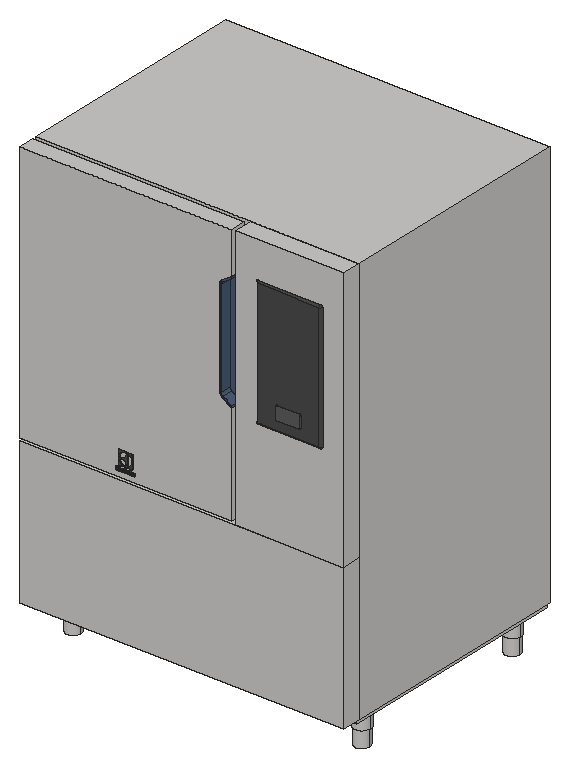
Revit family "QF_ELECTROLUXPROFESSIONAL_727739_EBFA12A", category Specialty Equipment, Revit 2018 (continued)
Automatic sketch dimensions
  Split face 35 sketch curve to Extrusion 4 = 30.031 mm
  Split face 35 sketch curve to Split face 35 sketch curve = 110.016 mm
  Split face 35 sketch curve to Extrusion 4 = 203.478 mm
  Split face 35 sketch curve to Split face 35 sketch curve = 4.974 mm
  Split face 36 sketch curve to Extrusion 4 = 30.031 mm
  Split face 36 sketch curve to Split face 36 sketch curve = 110.016 mm
  Split face 36 sketch curve to Extrusion 4 = 193.978 mm
  Split face 36 sketch curve to Split face 36 sketch curve = 4.974 mm
  Split face 37 sketch curve to Extrusion 4 = 30.031 mm
  Split face 37 sketch curve to Split face 37 sketch curve = 110.016 mm
  Split face 37 sketch curve to Extrusion 4 = 184.478 mm
  Split face 37 sketch curve to Split face 37 sketch curve = 4.974 mm
  Split face 38 sketch curve to Extrusion 4 = 30.031 mm
  Split face 38 sketch curve to Split face 38 sketch curve = 110.016 mm
  Split face 38 sketch curve to Extrusion 4 = 174.978 mm
  Split face 38 sketch curve to Split face 38 sketch curve = 4.974 mm
  Split face 39 sketch curve to Extrusion 4 = 30.031 mm
  Split face 39 sketch curve to Split face 39 sketch curve = 110.016 mm
  Split face 39 sketch curve to Extrusion 4 = 165.478 mm
  Split face 39 sketch curve to Split face 39 sketch curve = 4.974 mm
  Split face 40 sketch curve to Extrusion 4 = 30.031 mm
  Split face 40 sketch curve to Split face 40 sketch curve = 110.016 mm
  Split face 40 sketch curve to Extrusion 4 = 155.978 mm
  Split face 40 sketch curve to Split face 40 sketch curve = 4.974 mm
  Split face 41 sketch curve to Extrusion 4 = 30.031 mm
  Split face 41 sketch curve to Split face 41 sketch curve = 110.016 mm
  Split face 41 sketch curve to Extrusion 4 = 146.478 mm
  Split face 41 sketch curve to Split face 41 sketch curve = 4.974 mm
  Split face 42 sketch curve to Extrusion 4 = 33.499 mm
  Split face 42 sketch curve to Extrusion 4 = 150.022 mm
  Split face 42 sketch curve to Extrusion 4 = 28.525 mm
  Split face 42 sketch curve to Split face 42 sketch curve = 110.016 mm
  Split face 43 sketch curve to Extrusion 4 = 42.999 mm
  Split face 43 sketch curve to Extrusion 4 = 150.022 mm
  Split face 43 sketch curve to Extrusion 4 = 38.025 mm
  Split face 43 sketch curve to Split face 43 sketch curve = 110.016 mm
  Split face 44 sketch curve to Extrusion 4 = 52.499 mm
  Split face 44 sketch curve to Extrusion 4 = 150.022 mm
  Split face 44 sketch curve to Extrusion 4 = 47.525 mm
  Split face 44 sketch curve to Split face 44 sketch curve = 110.016 mm
  Split face 45 sketch curve to Extrusion 4 = 61.999 mm
  Split face 45 sketch curve to Extrusion 4 = 150.022 mm
  Split face 45 sketch curve to Split face 45 sketch curve = 110.016 mm
  Split face 45 sketch curve to Split face 45 sketch curve = 4.974 mm
  Split face 46 sketch curve to Extrusion 4 = 71.499 mm
  Split face 46 sketch curve to Extrusion 4 = 150.022 mm
  Split face 46 sketch curve to Split face 46 sketch curve = 110.016 mm
  Split face 46 sketch curve to Split face 46 sketch curve = 4.974 mm
  Split face 47 sketch curve to Extrusion 4 = 150.022 mm
  Split face 47 sketch curve to Split face 47 sketch curve = 110.016 mm
  Split face 47 sketch curve to Extrusion 4 = 80.999 mm
  Split face 47 sketch curve to Split face 47 sketch curve = 4.974 mm
  Split face 48 sketch curve to Extrusion 4 = 150.022 mm
  Split face 48 sketch curve to Split face 48 sketch curve = 110.016 mm
  Split face 48 sketch curve to Extrusion 4 = 90.499 mm
  Split face 48 sketch curve to Split face 48 sketch curve = 4.974 mm
  Split face 49 sketch curve to Extrusion 4 = 150.022 mm
  Split face 49 sketch curve to Split face 49 sketch curve = 110.016 mm
  Split face 49 sketch curve to Extrusion 4 = 99.999 mm
  Split face 49 sketch curve to Split face 49 sketch curve = 4.974 mm
  Split face 50 sketch curve to Extrusion 4 = 150.022 mm
  Split face 50 sketch curve to Split face 50 sketch curve = 110.016 mm
  Split face 50 sketch curve to Extrusion 4 = 109.499 mm
  Split face 50 sketch curve to Split face 50 sketch curve = 4.974 mm
  Split face 51 sketch curve to Extrusion 4 = 150.022 mm
  Split face 51 sketch curve to Split face 51 sketch curve = 110.016 mm
  Split face 51 sketch curve to Extrusion 4 = 119 mm
  Split face 51 sketch curve to Split face 51 sketch curve = 4.974 mm
  Split face 52 sketch curve to Extrusion 4 = 150.022 mm
  Split face 52 sketch curve to Split face 52 sketch curve = 110.016 mm
  Split face 52 sketch curve to Extrusion 4 = 128.5 mm
  Split face 52 sketch curve to Split face 52 sketch curve = 4.974 mm
  Split face 53 sketch curve to Extrusion 4 = 150.022 mm
  Split face 53 sketch curve to Split face 53 sketch curve = 110.016 mm
  Split face 53 sketch curve to Extrusion 4 = 138 mm
  Split face 53 sketch curve to Split face 53 sketch curve = 4.974 mm
  Split face 54 sketch curve to Extrusion 4 = 150.022 mm
  Split face 54 sketch curve to Split face 54 sketch curve = 110.016 mm
  Split face 54 sketch curve to Extrusion 4 = 147.5 mm
  Split face 54 sketch curve to Split face 54 sketch curve = 4.974 mm
  Split face 55 sketch curve to Extrusion 4 = 150.022 mm
  Split face 55 sketch curve to Split face 55 sketch curve = 110.016 mm
  Split face 55 sketch curve to Extrusion 4 = 157 mm
  Split face 55 sketch curve to Split face 55 sketch curve = 4.974 mm
  Split face 56 sketch curve to Extrusion 4 = 150.022 mm
  Split face 56 sketch curve to Split face 56 sketch curve = 110.016 mm
  Split face 56 sketch curve to Extrusion 4 = 166.5 mm
  Split face 56 sketch curve to Split face 56 sketch curve = 4.974 mm
  Split face 57 sketch curve to Extrusion 4 = 150.022 mm
  Split face 57 sketch curve to Split face 57 sketch curve = 110.016 mm
  Split face 57 sketch curve to Extrusion 4 = 176 mm
  Split face 57 sketch curve to Split face 57 sketch curve = 4.974 mm
  Split face 58 sketch curve to Extrusion 4 = 150.022 mm
  Split face 58 sketch curve to Split face 58 sketch curve = 110.016 mm
  Split face 58 sketch curve to Extrusion 4 = 185.5 mm
  Split face 58 sketch curve to Split face 58 sketch curve = 4.974 mm
  Split face 59 sketch curve to Extrusion 4 = 150.022 mm
  Split face 59 sketch curve to Split face 59 sketch curve = 110.016 mm
  Split face 59 sketch curve to Extrusion 4 = 195 mm
  Split face 59 sketch curve to Split face 59 sketch curve = 4.974 mm
  Split face 60 sketch curve to Extrusion 4 = 150.022 mm
  Split face 60 sketch curve to Split face 60 sketch curve = 110.016 mm
  Split face 60 sketch curve to Extrusion 4 = 204.5 mm
  Split face 60 sketch curve to Split face 60 sketch curve = 4.974 mm
  Split face 61 sketch curve to Extrusion 4 = 150.022 mm
  Split face 61 sketch curve to Split face 61 sketch curve = 110.016 mm
  Split face 61 sketch curve to Extrusion 4 = 214 mm
  Split face 61 sketch curve to Split face 61 sketch curve = 4.974 mm
  Split face 62 sketch curve to Extrusion 4 = 150.022 mm
  Split face 62 sketch curve to Split face 62 sketch curve = 110.016 mm
  Split face 62 sketch curve to Extrusion 4 = 223.5 mm
  Split face 62 sketch curve to Split face 62 sketch curve = 4.974 mm
  Split face 63 sketch curve to Extrusion 4 = 150.022 mm
  Split face 63 sketch curve to Split face 63 sketch curve = 110.016 mm
  Split face 63 sketch curve to Extrusion 4 = 233.001 mm
  Split face 63 sketch curve to Split face 63 sketch curve = 4.974 mm
  Split face 64 sketch curve to Extrusion 4 = 150.022 mm
  Split face 64 sketch curve to Split face 64 sketch curve = 110.016 mm
  Split face 64 sketch curve to Extrusion 4 = 242.501 mm
  Split face 64 sketch curve to Split face 64 sketch curve = 4.974 mm
  Split face 65 sketch curve to Extrusion 4 = 150.022 mm
  Split face 65 sketch curve to Split face 65 sketch curve = 110.016 mm
  Split face 65 sketch curve to Extrusion 4 = 252.001 mm
  Split face 65 sketch curve to Split face 65 sketch curve = 4.974 mm
  Split face 66 sketch curve to Extrusion 4 = 150.022 mm
  Split face 66 sketch curve to Split face 66 sketch curve = 110.016 mm
  Split face 66 sketch curve to Extrusion 4 = 261.501 mm
  Split face 66 sketch curve to Split face 66 sketch curve = 4.974 mm
  Split face 67 sketch curve to Extrusion 4 = 150.022 mm
  Split face 67 sketch curve to Split face 67 sketch curve = 110.016 mm
  Split face 67 sketch curve to Extrusion 4 = 271.001 mm
  Split face 67 sketch curve to Split face 67 sketch curve = 4.974 mm
  Split face 68 sketch curve to Extrusion 4 = 150.022 mm
  Split face 68 sketch curve to Split face 68 sketch curve = 110.016 mm
  Split face 68 sketch curve to Extrusion 4 = 279.479 mm
  Split face 68 sketch curve to Split face 68 sketch curve = 4.974 mm
  Split face 69 sketch curve to Extrusion 4 = 150.022 mm
  Split face 69 sketch curve to Split face 69 sketch curve = 110.016 mm
  Split face 69 sketch curve to Extrusion 4 = 269.979 mm
  Split face 69 sketch curve to Split face 69 sketch curve = 4.974 mm
  Split face 70 sketch curve to Extrusion 4 = 150.022 mm
  Split face 70 sketch curve to Split face 70 sketch curve = 110.016 mm
  Split face 70 sketch curve to Extrusion 4 = 260.479 mm
  Split face 70 sketch curve to Split face 70 sketch curve = 4.974 mm
  Split face 71 sketch curve to Extrusion 4 = 150.022 mm
  Split face 71 sketch curve to Split face 71 sketch curve = 110.016 mm
  Split face 71 sketch curve to Extrusion 4 = 250.978 mm
  Split face 71 sketch curve to Split face 71 sketch curve = 4.974 mm
  Split face 72 sketch curve to Extrusion 4 = 150.022 mm
  Split face 72 sketch curve to Split face 72 sketch curve = 110.016 mm
  Split face 72 sketch curve to Extrusion 4 = 241.478 mm
  Split face 72 sketch curve to Split face 72 sketch curve = 4.974 mm
  Split face 73 sketch curve to Extrusion 4 = 150.022 mm
  Split face 73 sketch curve to Split face 73 sketch curve = 110.016 mm
  Split face 73 sketch curve to Extrusion 4 = 231.978 mm
  Split face 73 sketch curve to Split face 73 sketch curve = 4.974 mm
  Split face 74 sketch curve to Extrusion 4 = 150.022 mm
  Split face 74 sketch curve to Split face 74 sketch curve = 110.016 mm
  Split face 74 sketch curve to Extrusion 4 = 222.478 mm
  Split face 74 sketch curve to Split face 74 sketch curve = 4.974 mm
  Split face 75 sketch curve to Extrusion 4 = 150.022 mm
  Split face 75 sketch curve to Split face 75 sketch curve = 110.016 mm
  Split face 75 sketch curve to Extrusion 4 = 212.978 mm
  Split face 75 sketch curve to Split face 75 sketch curve = 4.974 mm
  Split face 76 sketch curve to Extrusion 4 = 150.022 mm
  Split face 76 sketch curve to Split face 76 sketch curve = 110.016 mm
  Split face 76 sketch curve to Extrusion 4 = 203.478 mm
  Split face 76 sketch curve to Split face 76 sketch curve = 4.974 mm
  Split face 77 sketch curve to Extrusion 4 = 150.022 mm
  Split face 77 sketch curve to Split face 77 sketch curve = 110.016 mm
  Split face 77 sketch curve to Extrusion 4 = 193.978 mm
  Split face 77 sketch curve to Split face 77 sketch curve = 4.974 mm
  Split face 78 sketch curve to Extrusion 4 = 150.022 mm
  Split face 78 sketch curve to Split face 78 sketch curve = 110.016 mm
  Split face 78 sketch curve to Extrusion 4 = 184.478 mm
  Split face 78 sketch curve to Split face 78 sketch curve = 4.974 mm
  Split face 79 sketch curve to Extrusion 4 = 150.022 mm
  Split face 79 sketch curve to Split face 79 sketch curve = 110.016 mm
  Split face 79 sketch curve to Extrusion 4 = 174.978 mm
  Split face 79 sketch curve to Split face 79 sketch curve = 4.974 mm
  Split face 80 sketch curve to Extrusion 4 = 150.022 mm
  Split face 80 sketch curve to Split face 80 sketch curve = 110.016 mm
  Split face 80 sketch curve to Extrusion 4 = 165.478 mm
  Split face 80 sketch curve to Split face 80 sketch curve = 4.974 mm
  Split face 81 sketch curve to Extrusion 4 = 150.022 mm
  Split face 81 sketch curve to Split face 81 sketch curve = 110.016 mm
  Split face 81 sketch curve to Extrusion 4 = 155.978 mm
  Split face 81 sketch curve to Split face 81 sketch curve = 4.974 mm
  Split face 82 sketch curve to Extrusion 4 = 150.022 mm
  Split face 82 sketch curve to Split face 82 sketch curve = 110.016 mm
  Split face 82 sketch curve to Extrusion 4 = 146.478 mm
  Split face 82 sketch curve to Split face 82 sketch curve = 4.974 mm
  Split face 83 sketch curve to Extrusion 4 = 33.499 mm
  Split face 83 sketch curve to Extrusion 4 = 270.014 mm
  Split face 83 sketch curve to Extrusion 4 = 28.525 mm
  Split face 83 sketch curve to Split face 83 sketch curve = 110.016 mm
  Split face 84 sketch curve to Extrusion 4 = 42.999 mm
  Split face 84 sketch curve to Extrusion 4 = 270.014 mm
  Split face 84 sketch curve to Extrusion 4 = 38.025 mm
  Split face 84 sketch curve to Split face 84 sketch curve = 110.016 mm
  Split face 85 sketch curve to Extrusion 4 = 52.499 mm
  Split face 85 sketch curve to Extrusion 4 = 270.014 mm
  Split face 85 sketch curve to Extrusion 4 = 47.525 mm
  Split face 85 sketch curve to Split face 85 sketch curve = 110.016 mm
  Split face 86 sketch curve to Extrusion 4 = 61.999 mm
  Split face 86 sketch curve to Extrusion 4 = 270.014 mm
  Split face 86 sketch curve to Split face 86 sketch curve = 110.016 mm
  Split face 86 sketch curve to Split face 86 sketch curve = 4.974 mm
  Split face 87 sketch curve to Extrusion 4 = 71.499 mm
  Split face 87 sketch curve to Extrusion 4 = 270.014 mm
  Split face 87 sketch curve to Split face 87 sketch curve = 110.016 mm
  Split face 87 sketch curve to Split face 87 sketch curve = 4.974 mm
  Split face 88 sketch curve to Extrusion 4 = 80.999 mm
  Split face 88 sketch curve to Extrusion 4 = 270.014 mm
  Split face 88 sketch curve to Split face 88 sketch curve = 110.016 mm
  Split face 88 sketch curve to Split face 88 sketch curve = 4.974 mm
  Split face 89 sketch curve to Extrusion 4 = 90.499 mm
  Split face 89 sketch curve to Extrusion 4 = 270.014 mm
  Split face 89 sketch curve to Split face 89 sketch curve = 110.016 mm
  Split face 89 sketch curve to Split face 89 sketch curve = 4.974 mm
  Split face 90 sketch curve to Extrusion 4 = 99.999 mm
  Split face 90 sketch curve to Extrusion 4 = 270.014 mm
  Split face 90 sketch curve to Split face 90 sketch curve = 110.016 mm
  Split face 90 sketch curve to Split face 90 sketch curve = 4.974 mm
  Split face 91 sketch curve to Extrusion 4 = 109.499 mm
  Split face 91 sketch curve to Extrusion 4 = 270.014 mm
  Split face 91 sketch curve to Split face 91 sketch curve = 110.016 mm
  Split face 91 sketch curve to Split face 91 sketch curve = 4.974 mm
  Split face 92 sketch curve to Extrusion 4 = 119 mm
  Split face 92 sketch curve to Extrusion 4 = 270.014 mm
  Split face 92 sketch curve to Split face 92 sketch curve = 110.016 mm
  Split face 92 sketch curve to Split face 92 sketch curve = 4.974 mm
  Split face 93 sketch curve to Extrusion 4 = 128.5 mm
  Split face 93 sketch curve to Extrusion 4 = 270.014 mm
  Split face 93 sketch curve to Split face 93 sketch curve = 110.016 mm
  Split face 93 sketch curve to Split face 93 sketch curve = 4.974 mm
  Split face 94 sketch curve to Extrusion 4 = 270.014 mm
  Split face 94 sketch curve to Split face 94 sketch curve = 110.016 mm
  Split face 94 sketch curve to Extrusion 4 = 138 mm
  Split face 94 sketch curve to Split face 94 sketch curve = 4.974 mm
  Split face 95 sketch curve to Extrusion 4 = 270.014 mm
  Split face 95 sketch curve to Split face 95 sketch curve = 110.016 mm
  Split face 95 sketch curve to Extrusion 4 = 147.5 mm
  Split face 95 sketch curve to Split face 95 sketch curve = 4.974 mm
  Split face 96 sketch curve to Extrusion 4 = 270.014 mm
  Split face 96 sketch curve to Split face 96 sketch curve = 110.016 mm
  Split face 96 sketch curve to Extrusion 4 = 157 mm
  Split face 96 sketch curve to Split face 96 sketch curve = 4.974 mm
  Split face 97 sketch curve to Extrusion 4 = 270.014 mm
  Split face 97 sketch curve to Split face 97 sketch curve = 110.016 mm
  Split face 97 sketch curve to Extrusion 4 = 166.5 mm
  Split face 97 sketch curve to Split face 97 sketch curve = 4.974 mm
  Split face 98 sketch curve to Extrusion 4 = 270.014 mm
  Split face 98 sketch curve to Split face 98 sketch curve = 110.016 mm
  Split face 98 sketch curve to Extrusion 4 = 176 mm
  Split face 98 sketch curve to Split face 98 sketch curve = 4.974 mm
  Split face 99 sketch curve to Extrusion 4 = 270.014 mm
  Split face 99 sketch curve to Split face 99 sketch curve = 110.016 mm
  Split face 99 sketch curve to Extrusion 4 = 185.5 mm
  Split face 99 sketch curve to Split face 99 sketch curve = 4.974 mm
  Split face 100 sketch curve to Extrusion 4 = 270.014 mm
  Split face 100 sketch curve to Split face 100 sketch curve = 110.016 mm
  Split face 100 sketch curve to Extrusion 4 = 195 mm
  Split face 100 sketch curve to Split face 100 sketch curve = 4.974 mm
  Split face 101 sketch curve to Extrusion 4 = 270.014 mm
  Split face 101 sketch curve to Split face 101 sketch curve = 110.016 mm
  Split face 101 sketch curve to Extrusion 4 = 204.5 mm
  Split face 101 sketch curve to Split face 101 sketch curve = 4.974 mm
  Split face 102 sketch curve to Extrusion 4 = 270.014 mm
  Split face 102 sketch curve to Split face 102 sketch curve = 110.016 mm
  Split face 102 sketch curve to Extrusion 4 = 214 mm
  Split face 102 sketch curve to Split face 102 sketch curve = 4.974 mm
  Split face 103 sketch curve to Extrusion 4 = 270.014 mm
  Split face 103 sketch curve to Split face 103 sketch curve = 110.016 mm
  Split face 103 sketch curve to Extrusion 4 = 223.5 mm
  Split face 103 sketch curve to Split face 103 sketch curve = 4.974 mm
  Split face 104 sketch curve to Extrusion 4 = 270.014 mm
  Split face 104 sketch curve to Split face 104 sketch curve = 110.016 mm
  Split face 104 sketch curve to Extrusion 4 = 233.001 mm
  Split face 104 sketch curve to Split face 104 sketch curve = 4.974 mm
  Split face 105 sketch curve to Extrusion 4 = 270.014 mm
  Split face 105 sketch curve to Split face 105 sketch curve = 110.016 mm
  Split face 105 sketch curve to Extrusion 4 = 242.501 mm
  Split face 105 sketch curve to Split face 105 sketch curve = 4.974 mm
  Split face 106 sketch curve to Extrusion 4 = 270.014 mm
  Split face 106 sketch curve to Split face 106 sketch curve = 110.016 mm
  Split face 106 sketch curve to Extrusion 4 = 252.001 mm
  Split face 106 sketch curve to Split face 106 sketch curve = 4.974 mm
  Split face 107 sketch curve to Extrusion 4 = 270.014 mm
  Split face 107 sketch curve to Split face 107 sketch curve = 110.016 mm
  Split face 107 sketch curve to Extrusion 4 = 261.501 mm
  Split face 107 sketch curve to Split face 107 sketch curve = 4.974 mm
  Split face 108 sketch curve to Extrusion 4 = 270.014 mm
  Split face 108 sketch curve to Split face 108 sketch curve = 110.016 mm
  Split face 108 sketch curve to Extrusion 4 = 271.001 mm
  Split face 108 sketch curve to Split face 108 sketch curve = 4.974 mm
  Split face 109 sketch curve to Extrusion 4 = 270.014 mm
  Split face 109 sketch curve to Split face 109 sketch curve = 110.016 mm
  Split face 109 sketch curve to Extrusion 4 = 279.479 mm
  Split face 109 sketch curve to Split face 109 sketch curve = 4.974 mm
  Split face 110 sketch curve to Extrusion 4 = 270.014 mm
  Split face 110 sketch curve to Split face 110 sketch curve = 110.016 mm
  Split face 110 sketch curve to Extrusion 4 = 269.979 mm
  Split face 110 sketch curve to Split face 110 sketch curve = 4.974 mm
  Split face 111 sketch curve to Extrusion 4 = 270.014 mm
  Split face 111 sketch curve to Split face 111 sketch curve = 110.016 mm
  Split face 111 sketch curve to Extrusion 4 = 260.479 mm
  Split face 111 sketch curve to Split face 111 sketch curve = 4.974 mm
  Split face 112 sketch curve to Extrusion 4 = 270.014 mm
  Split face 112 sketch curve to Split face 112 sketch curve = 110.016 mm
  Split face 112 sketch curve to Extrusion 4 = 250.978 mm
  Split face 112 sketch curve to Split face 112 sketch curve = 4.974 mm
  Split face 113 sketch curve to Extrusion 4 = 270.014 mm
  Split face 113 sketch curve to Split face 113 sketch curve = 110.016 mm
  Split face 113 sketch curve to Extrusion 4 = 241.478 mm
  Split face 113 sketch curve to Split face 113 sketch curve = 4.974 mm
  Split face 114 sketch curve to Extrusion 4 = 270.014 mm
  Split face 114 sketch curve to Split face 114 sketch curve = 110.016 mm
  Split face 114 sketch curve to Extrusion 4 = 231.978 mm
  Split face 114 sketch curve to Split face 114 sketch curve = 4.974 mm
  Split face 115 sketch curve to Extrusion 4 = 270.014 mm
  Split face 115 sketch curve to Split face 115 sketch curve = 110.016 mm
  Split face 115 sketch curve to Extrusion 4 = 222.478 mm
  Split face 115 sketch curve to Split face 115 sketch curve = 4.974 mm
  Split face 116 sketch curve to Extrusion 4 = 270.014 mm
  Split face 116 sketch curve to Split face 116 sketch curve = 110.016 mm
  Split face 116 sketch curve to Extrusion 4 = 212.978 mm
  Split face 116 sketch curve to Split face 116 sketch curve = 4.974 mm
  Split face 117 sketch curve to Extrusion 4 = 270.014 mm
  Split face 117 sketch curve to Split face 117 sketch curve = 110.016 mm
  Split face 117 sketch curve to Extrusion 4 = 203.478 mm
  Split face 117 sketch curve to Split face 117 sketch curve = 4.974 mm
  Split face 118 sketch curve to Extrusion 4 = 270.014 mm
  Split face 118 sketch curve to Split face 118 sketch curve = 110.016 mm
  Split face 118 sketch curve to Extrusion 4 = 193.978 mm
  Split face 118 sketch curve to Split face 118 sketch curve = 4.974 mm
  Split face 119 sketch curve to Extrusion 4 = 270.014 mm
  Split face 119 sketch curve to Split face 119 sketch curve = 110.016 mm
  Split face 119 sketch curve to Extrusion 4 = 184.478 mm
  Split face 119 sketch curve to Split face 119 sketch curve = 4.974 mm
  Split face 120 sketch curve to Extrusion 4 = 270.014 mm
  Split face 120 sketch curve to Split face 120 sketch curve = 110.016 mm
  Split face 120 sketch curve to Extrusion 4 = 174.978 mm
  Split face 120 sketch curve to Split face 120 sketch curve = 4.974 mm
  Split face 121 sketch curve to Extrusion 4 = 270.014 mm
  Split face 121 sketch curve to Split face 121 sketch curve = 110.016 mm
  Split face 121 sketch curve to Extrusion 4 = 165.478 mm
  Split face 121 sketch curve to Split face 121 sketch curve = 4.974 mm
  Split face 122 sketch curve to Extrusion 4 = 270.014 mm
  Split face 122 sketch curve to Split face 122 sketch curve = 110.016 mm
  Split face 122 sketch curve to Extrusion 4 = 155.978 mm
  Split face 122 sketch curve to Split face 122 sketch curve = 4.974 mm
  Split face 123 sketch curve to Extrusion 4 = 270.014 mm
  Split face 123 sketch curve to Split face 123 sketch curve = 110.016 mm
  Split face 123 sketch curve to Extrusion 4 = 146.478 mm
  Split face 123 sketch curve to Split face 123 sketch curve = 4.974 mm
  Split face 124 sketch curve to Extrusion 4 = 33.499 mm
  Split face 124 sketch curve to Extrusion 4 = 390.005 mm
  Split face 124 sketch curve to Extrusion 4 = 28.525 mm
  Split face 124 sketch curve to Split face 124 sketch curve = 110.016 mm
  Split face 125 sketch curve to Extrusion 4 = 42.999 mm
  Split face 125 sketch curve to Extrusion 4 = 390.005 mm
  Split face 125 sketch curve to Extrusion 4 = 38.025 mm
  Split face 125 sketch curve to Split face 125 sketch curve = 110.016 mm
  Split face 126 sketch curve to Extrusion 4 = 52.499 mm
  Split face 126 sketch curve to Extrusion 4 = 390.005 mm
  Split face 126 sketch curve to Extrusion 4 = 47.525 mm
  Split face 126 sketch curve to Split face 126 sketch curve = 110.016 mm
  Split face 127 sketch curve to Extrusion 4 = 61.999 mm
  Split face 127 sketch curve to Extrusion 4 = 390.005 mm
  Split face 127 sketch curve to Split face 127 sketch curve = 110.016 mm
  Split face 127 sketch curve to Split face 127 sketch curve = 4.974 mm
  Split face 128 sketch curve to Extrusion 4 = 71.499 mm
  Split face 128 sketch curve to Extrusion 4 = 390.005 mm
  Split face 128 sketch curve to Split face 128 sketch curve = 110.016 mm
  Split face 128 sketch curve to Split face 128 sketch curve = 4.974 mm
  Split face 129 sketch curve to Extrusion 4 = 80.999 mm
  Split face 129 sketch curve to Extrusion 4 = 390.005 mm
  Split face 129 sketch curve to Split face 129 sketch curve = 110.016 mm
  Split face 129 sketch curve to Split face 129 sketch curve = 4.974 mm
  Split face 130 sketch curve to Extrusion 4 = 90.499 mm
  Split face 130 sketch curve to Extrusion 4 = 390.005 mm
  Split face 130 sketch curve to Split face 130 sketch curve = 110.016 mm
  Split face 130 sketch curve to Split face 130 sketch curve = 4.974 mm
  Split face 131 sketch curve to Extrusion 4 = 99.999 mm
  Split face 131 sketch curve to Extrusion 4 = 390.005 mm
  Split face 131 sketch curve to Split face 131 sketch curve = 110.016 mm
  Split face 131 sketch curve to Split face 131 sketch curve = 4.974 mm
  Split face 132 sketch curve to Extrusion 4 = 109.499 mm
  Split face 132 sketch curve to Extrusion 4 = 390.005 mm
  Split face 132 sketch curve to Split face 132 sketch curve = 110.016 mm
  Split face 132 sketch curve to Split face 132 sketch curve = 4.974 mm
  Split face 133 sketch curve to Extrusion 4 = 119 mm
  Split face 133 sketch curve to Extrusion 4 = 390.005 mm
  Split face 133 sketch curve to Split face 133 sketch curve = 110.016 mm
  Split face 133 sketch curve to Split face 133 sketch curve = 4.974 mm
  Split face 134 sketch curve to Extrusion 4 = 128.5 mm
  Split face 134 sketch curve to Extrusion 4 = 390.005 mm
  Split face 134 sketch curve to Split face 134 sketch curve = 110.016 mm
  Split face 134 sketch curve to Split face 134 sketch curve = 4.974 mm
  Split face 135 sketch curve to Extrusion 4 = 138 mm
  Split face 135 sketch curve to Extrusion 4 = 390.005 mm
  Split face 135 sketch curve to Split face 135 sketch curve = 110.016 mm
  Split face 135 sketch curve to Split face 135 sketch curve = 4.974 mm
  Split face 136 sketch curve to Extrusion 4 = 147.5 mm
  Split face 136 sketch curve to Extrusion 4 = 390.005 mm
  Split face 136 sketch curve to Split face 136 sketch curve = 110.016 mm
  Split face 136 sketch curve to Split face 136 sketch curve = 4.974 mm
  Split face 137 sketch curve to Extrusion 4 = 157 mm
  Split face 137 sketch curve to Extrusion 4 = 390.005 mm
  Split face 137 sketch curve to Split face 137 sketch curve = 110.016 mm
  Split face 137 sketch curve to Split face 137 sketch curve = 4.974 mm
  Split face 138 sketch curve to Extrusion 4 = 166.5 mm
  Split face 138 sketch curve to Extrusion 4 = 390.005 mm
  Split face 138 sketch curve to Split face 138 sketch curve = 110.016 mm
  Split face 138 sketch curve to Split face 138 sketch curve = 4.974 mm
  Split face 139 sketch curve to Extrusion 4 = 176 mm
  Split face 139 sketch curve to Extrusion 4 = 390.005 mm
  Split face 139 sketch curve to Split face 139 sketch curve = 110.016 mm
  Split face 139 sketch curve to Split face 139 sketch curve = 4.974 mm
  Split face 140 sketch curve to Extrusion 4 = 185.5 mm
  Split face 140 sketch curve to Extrusion 4 = 390.005 mm
  Split face 140 sketch curve to Split face 140 sketch curve = 110.016 mm
  Split face 140 sketch curve to Split face 140 sketch curve = 4.974 mm
  Split face 141 sketch curve to Extrusion 4 = 195 mm
  Split face 141 sketch curve to Extrusion 4 = 390.005 mm
  Split face 141 sketch curve to Split face 141 sketch curve = 110.016 mm
  Split face 141 sketch curve to Split face 141 sketch curve = 4.974 mm
  Split face 142 sketch curve to Extrusion 4 = 390.005 mm
  Split face 142 sketch curve to Split face 142 sketch curve = 110.016 mm
  Split face 142 sketch curve to Extrusion 4 = 204.5 mm
  Split face 142 sketch curve to Split face 142 sketch curve = 4.974 mm
  Split face 143 sketch curve to Extrusion 4 = 390.005 mm
  Split face 143 sketch curve to Split face 143 sketch curve = 110.016 mm
  Split face 143 sketch curve to Extrusion 4 = 214 mm
  Split face 143 sketch curve to Split face 143 sketch curve = 4.974 mm
  Split face 144 sketch curve to Extrusion 4 = 390.005 mm
  Split face 144 sketch curve to Split face 144 sketch curve = 110.016 mm
  Split face 144 sketch curve to Extrusion 4 = 223.5 mm
  Split face 144 sketch curve to Split face 144 sketch curve = 4.974 mm
  Split face 145 sketch curve to Extrusion 4 = 390.005 mm
  Split face 145 sketch curve to Split face 145 sketch curve = 110.016 mm
  Split face 145 sketch curve to Extrusion 4 = 233.001 mm
  Split face 145 sketch curve to Split face 145 sketch curve = 4.974 mm
  Split face 146 sketch curve to Extrusion 4 = 390.005 mm
  Split face 146 sketch curve to Split face 146 sketch curve = 110.016 mm
  Split face 146 sketch curve to Extrusion 4 = 242.501 mm
  Split face 146 sketch curve to Split face 146 sketch curve = 4.974 mm
  Split face 147 sketch curve to Extrusion 4 = 390.005 mm
  Split face 147 sketch curve to Split face 147 sketch curve = 110.016 mm
  Split face 147 sketch curve to Extrusion 4 = 252.001 mm
  Split face 147 sketch curve to Split face 147 sketch curve = 4.974 mm
  Split face 148 sketch curve to Extrusion 4 = 390.005 mm
  Split face 148 sketch curve to Split face 148 sketch curve = 110.016 mm
  Split face 148 sketch curve to Extrusion 4 = 261.501 mm
  Split face 148 sketch curve to Split face 148 sketch curve = 4.974 mm
  Split face 149 sketch curve to Extrusion 4 = 390.005 mm
  Split face 149 sketch curve to Split face 149 sketch curve = 110.016 mm
  Split face 149 sketch curve to Extrusion 4 = 271.001 mm
  Split face 149 sketch curve to Split face 149 sketch curve = 4.974 mm
  Split face 150 sketch curve to Extrusion 4 = 390.005 mm
  Split face 150 sketch curve to Split face 150 sketch curve = 110.016 mm
  Split face 150 sketch curve to Extrusion 4 = 279.479 mm
  Split face 150 sketch curve to Split face 150 sketch curve = 4.974 mm
  Split face 151 sketch curve to Extrusion 4 = 390.005 mm
  Split face 151 sketch curve to Split face 151 sketch curve = 110.016 mm
  Split face 151 sketch curve to Extrusion 4 = 269.979 mm
  Split face 151 sketch curve to Split face 151 sketch curve = 4.974 mm
  Split face 152 sketch curve to Extrusion 4 = 390.005 mm
  Split face 152 sketch curve to Split face 152 sketch curve = 110.016 mm
  Split face 152 sketch curve to Extrusion 4 = 260.479 mm
  Split face 152 sketch curve to Split face 152 sketch curve = 4.974 mm
  Split face 153 sketch curve to Extrusion 4 = 390.005 mm
  Split face 153 sketch curve to Split face 153 sketch curve = 110.016 mm
  Split face 153 sketch curve to Extrusion 4 = 250.978 mm
  Split face 153 sketch curve to Split face 153 sketch curve = 4.974 mm
  Split face 154 sketch curve to Extrusion 4 = 390.005 mm
  Split face 154 sketch curve to Split face 154 sketch curve = 110.016 mm
  Split face 154 sketch curve to Extrusion 4 = 241.478 mm
  Split face 154 sketch curve to Split face 154 sketch curve = 4.974 mm
  Split face 155 sketch curve to Extrusion 4 = 390.005 mm
  Split face 155 sketch curve to Split face 155 sketch curve = 110.016 mm
  Split face 155 sketch curve to Extrusion 4 = 231.978 mm
  Split face 155 sketch curve to Split face 155 sketch curve = 4.974 mm
  Split face 156 sketch curve to Extrusion 4 = 390.005 mm
  Split face 156 sketch curve to Split face 156 sketch curve = 110.016 mm
  Split face 156 sketch curve to Extrusion 4 = 222.478 mm
  Split face 156 sketch curve to Split face 156 sketch curve = 4.974 mm
  Split face 157 sketch curve to Extrusion 4 = 390.005 mm
  Split face 157 sketch curve to Split face 157 sketch curve = 110.016 mm
  Split face 157 sketch curve to Extrusion 4 = 212.978 mm
  Split face 157 sketch curve to Split face 157 sketch curve = 4.974 mm
  Split face 158 sketch curve to Extrusion 4 = 390.005 mm
  Split face 158 sketch curve to Split face 158 sketch curve = 110.016 mm
  Split face 158 sketch curve to Extrusion 4 = 203.478 mm
  Split face 158 sketch curve to Split face 158 sketch curve = 4.974 mm
  Split face 159 sketch curve to Extrusion 4 = 193.978 mm
  Split face 159 sketch curve to Extrusion 4 = 390.005 mm
  Split face 159 sketch curve to Split face 159 sketch curve = 110.016 mm
  Split face 159 sketch curve to Split face 159 sketch curve = 4.974 mm
  Split face 160 sketch curve to Extrusion 4 = 184.478 mm
  Split face 160 sketch curve to Extrusion 4 = 390.005 mm
  Split face 160 sketch curve to Split face 160 sketch curve = 110.016 mm
  Split face 160 sketch curve to Split face 160 sketch curve = 4.974 mm
  Split face 161 sketch curve to Extrusion 4 = 174.978 mm
  Split face 161 sketch curve to Extrusion 4 = 390.005 mm
  Split face 161 sketch curve to Split face 161 sketch curve = 110.016 mm
  Split face 161 sketch curve to Split face 161 sketch curve = 4.974 mm
  Split face 162 sketch curve to Extrusion 4 = 165.478 mm
  Split face 162 sketch curve to Extrusion 4 = 390.005 mm
  Split face 162 sketch curve to Split face 162 sketch curve = 110.016 mm
  Split face 162 sketch curve to Split face 162 sketch curve = 4.974 mm
  Split face 163 sketch curve to Extrusion 4 = 155.978 mm
  Split face 163 sketch curve to Extrusion 4 = 390.005 mm
  Split face 163 sketch curve to Split face 163 sketch curve = 110.016 mm
  Split face 163 sketch curve to Split face 163 sketch curve = 4.974 mm
  Split face 164 sketch curve to Extrusion 4 = 146.478 mm
  Split face 164 sketch curve to Extrusion 4 = 390.005 mm
  Split face 164 sketch curve to Split face 164 sketch curve = 110.016 mm
  Split face 164 sketch curve to Split face 164 sketch curve = 4.974 mm
  Split face 165 sketch curve to Extrusion 4 = 33.499 mm
  Split face 165 sketch curve to Extrusion 4 = 380.03 mm
  Split face 165 sketch curve to Extrusion 4 = 28.525 mm
  Split face 165 sketch curve to Split face 165 sketch curve = 110.016 mm
  Split face 166 sketch curve to Extrusion 4 = 42.999 mm
  Split face 166 sketch curve to Extrusion 4 = 380.03 mm
  Split face 166 sketch curve to Extrusion 4 = 38.025 mm
  Split face 166 sketch curve to Split face 166 sketch curve = 110.016 mm
  Split face 167 sketch curve to Extrusion 4 = 52.499 mm
  Split face 167 sketch curve to Extrusion 4 = 380.03 mm
  Split face 167 sketch curve to Extrusion 4 = 47.525 mm
  Split face 167 sketch curve to Split face 167 sketch curve = 110.016 mm
  Split face 168 sketch curve to Extrusion 4 = 61.999 mm
  Split face 168 sketch curve to Extrusion 4 = 380.03 mm
  Split face 168 sketch curve to Split face 168 sketch curve = 110.016 mm
  Split face 168 sketch curve to Split face 168 sketch curve = 4.974 mm
  Split face 169 sketch curve to Extrusion 4 = 71.499 mm
  Split face 169 sketch curve to Extrusion 4 = 380.03 mm
  Split face 169 sketch curve to Split face 169 sketch curve = 110.016 mm
  Split face 169 sketch curve to Split face 169 sketch curve = 4.974 mm
  Split face 170 sketch curve to Extrusion 4 = 80.999 mm
  Split face 170 sketch curve to Extrusion 4 = 380.03 mm
  Split face 170 sketch curve to Split face 170 sketch curve = 110.016 mm
  Split face 170 sketch curve to Split face 170 sketch curve = 4.974 mm
  Split face 171 sketch curve to Extrusion 4 = 90.499 mm
  Split face 171 sketch curve to Extrusion 4 = 380.03 mm
  Split face 171 sketch curve to Split face 171 sketch curve = 110.016 mm
  Split face 171 sketch curve to Split face 171 sketch curve = 4.974 mm
  Split face 172 sketch curve to Extrusion 4 = 99.999 mm
  Split face 172 sketch curve to Extrusion 4 = 380.03 mm
  Split face 172 sketch curve to Split face 172 sketch curve = 110.016 mm
  Split face 172 sketch curve to Split face 172 sketch curve = 4.974 mm
  Split face 173 sketch curve to Extrusion 4 = 109.499 mm
  Split face 173 sketch curve to Extrusion 4 = 380.03 mm
  Split face 173 sketch curve to Split face 173 sketch curve = 110.016 mm
  Split face 173 sketch curve to Split face 173 sketch curve = 4.974 mm
  Split face 174 sketch curve to Extrusion 4 = 119 mm
  Split face 174 sketch curve to Extrusion 4 = 380.03 mm
  Split face 174 sketch curve to Split face 174 sketch curve = 110.016 mm
  Split face 174 sketch curve to Split face 174 sketch curve = 4.974 mm
  Split face 175 sketch curve to Extrusion 4 = 128.5 mm
  Split face 175 sketch curve to Extrusion 4 = 380.03 mm
  Split face 175 sketch curve to Split face 175 sketch curve = 110.016 mm
  Split face 175 sketch curve to Split face 175 sketch curve = 4.974 mm
  Split face 176 sketch curve to Extrusion 4 = 138 mm
  Split face 176 sketch curve to Extrusion 4 = 380.03 mm
  Split face 176 sketch curve to Split face 176 sketch curve = 110.016 mm
  Split face 176 sketch curve to Split face 176 sketch curve = 4.974 mm
  Split face 177 sketch curve to Extrusion 4 = 147.5 mm
  Split face 177 sketch curve to Extrusion 4 = 380.03 mm
  Split face 177 sketch curve to Split face 177 sketch curve = 110.016 mm
  Split face 177 sketch curve to Split face 177 sketch curve = 4.974 mm
  Split face 178 sketch curve to Extrusion 4 = 157 mm
  Split face 178 sketch curve to Extrusion 4 = 380.03 mm
  Split face 178 sketch curve to Split face 178 sketch curve = 110.016 mm
  Split face 178 sketch curve to Split face 178 sketch curve = 4.974 mm
  Split face 179 sketch curve to Extrusion 4 = 166.5 mm
  Split face 179 sketch curve to Extrusion 4 = 380.03 mm
  Split face 179 sketch curve to Split face 179 sketch curve = 110.016 mm
  Split face 179 sketch curve to Split face 179 sketch curve = 4.974 mm
  Split face 180 sketch curve to Extrusion 4 = 176 mm
  Split face 180 sketch curve to Extrusion 4 = 380.03 mm
  Split face 180 sketch curve to Split face 180 sketch curve = 110.016 mm
  Split face 180 sketch curve to Split face 180 sketch curve = 4.974 mm
  Split face 181 sketch curve to Extrusion 4 = 185.5 mm
  Split face 181 sketch curve to Extrusion 4 = 380.03 mm
  Split face 181 sketch curve to Split face 181 sketch curve = 110.016 mm
  Split face 181 sketch curve to Split face 181 sketch curve = 4.974 mm
  Split face 182 sketch curve to Extrusion 4 = 380.03 mm
  Split face 182 sketch curve to Split face 182 sketch curve = 110.016 mm
  Split face 182 sketch curve to Extrusion 4 = 195 mm
  Split face 182 sketch curve to Split face 182 sketch curve = 4.974 mm
  Split face 183 sketch curve to Extrusion 4 = 380.03 mm
  Split face 183 sketch curve to Split face 183 sketch curve = 110.016 mm
  Split face 183 sketch curve to Extrusion 4 = 204.5 mm
  Split face 183 sketch curve to Split face 183 sketch curve = 4.974 mm
  Split face 184 sketch curve to Extrusion 4 = 380.03 mm
  Split face 184 sketch curve to Split face 184 sketch curve = 110.016 mm
  Split face 184 sketch curve to Extrusion 4 = 214 mm
  Split face 184 sketch curve to Split face 184 sketch curve = 4.974 mm
  Split face 185 sketch curve to Extrusion 4 = 380.03 mm
  Split face 185 sketch curve to Split face 185 sketch curve = 110.016 mm
  Split face 185 sketch curve to Extrusion 4 = 223.5 mm
  Split face 185 sketch curve to Split face 185 sketch curve = 4.974 mm
  Split face 186 sketch curve to Extrusion 4 = 380.03 mm
  Split face 186 sketch curve to Split face 186 sketch curve = 110.016 mm
  Split face 186 sketch curve to Extrusion 4 = 233.001 mm
  Split face 186 sketch curve to Split face 186 sketch curve = 4.974 mm
  Split face 187 sketch curve to Extrusion 4 = 380.03 mm
  Split face 187 sketch curve to Split face 187 sketch curve = 110.016 mm
  Split face 187 sketch curve to Extrusion 4 = 242.501 mm
  Split face 187 sketch curve to Split face 187 sketch curve = 4.974 mm
  Split face 188 sketch curve to Extrusion 4 = 380.03 mm
  Split face 188 sketch curve to Split face 188 sketch curve = 110.016 mm
  Split face 188 sketch curve to Extrusion 4 = 252.001 mm
  Split face 188 sketch curve to Split face 188 sketch curve = 4.974 mm
  Split face 189 sketch curve to Extrusion 4 = 380.03 mm
  Split face 189 sketch curve to Split face 189 sketch curve = 110.016 mm
  Split face 189 sketch curve to Extrusion 4 = 261.501 mm
  Split face 189 sketch curve to Split face 189 sketch curve = 4.974 mm
  Split face 190 sketch curve to Extrusion 4 = 380.03 mm
  Split face 190 sketch curve to Split face 190 sketch curve = 110.016 mm
  Split face 190 sketch curve to Extrusion 4 = 271.001 mm
  Split face 190 sketch curve to Split face 190 sketch curve = 4.974 mm
  Split face 191 sketch curve to Extrusion 4 = 380.03 mm
  Split face 191 sketch curve to Split face 191 sketch curve = 110.016 mm
  Split face 191 sketch curve to Extrusion 4 = 279.479 mm
  Split face 191 sketch curve to Split face 191 sketch curve = 4.974 mm
  Split face 192 sketch curve to Extrusion 4 = 380.03 mm
  Split face 192 sketch curve to Split face 192 sketch curve = 110.016 mm
  Split face 192 sketch curve to Extrusion 4 = 269.979 mm
  Split face 192 sketch curve to Split face 192 sketch curve = 4.974 mm
  Split face 193 sketch curve to Extrusion 4 = 380.03 mm
  Split face 193 sketch curve to Split face 193 sketch curve = 110.016 mm
  Split face 193 sketch curve to Extrusion 4 = 260.479 mm
  Split face 193 sketch curve to Split face 193 sketch curve = 4.974 mm
  Split face 194 sketch curve to Extrusion 4 = 380.03 mm
  Split face 194 sketch curve to Split face 194 sketch curve = 110.016 mm
  Split face 194 sketch curve to Extrusion 4 = 250.978 mm
  Split face 194 sketch curve to Split face 194 sketch curve = 4.974 mm
  Split face 195 sketch curve to Extrusion 4 = 380.03 mm
  Split face 195 sketch curve to Split face 195 sketch curve = 110.016 mm
  Split face 195 sketch curve to Extrusion 4 = 241.478 mm
  Split face 195 sketch curve to Split face 195 sketch curve = 4.974 mm
  Split face 196 sketch curve to Extrusion 4 = 380.03 mm
  Split face 196 sketch curve to Split face 196 sketch curve = 110.016 mm
  Split face 196 sketch curve to Extrusion 4 = 231.978 mm
  Split face 196 sketch curve to Split face 196 sketch curve = 4.974 mm
  Split face 197 sketch curve to Extrusion 4 = 380.03 mm
  Split face 197 sketch curve to Split face 197 sketch curve = 110.016 mm
  Split face 197 sketch curve to Extrusion 4 = 222.478 mm
  Split face 197 sketch curve to Split face 197 sketch curve = 4.974 mm
  Split face 198 sketch curve to Extrusion 4 = 380.03 mm
  Split face 198 sketch curve to Split face 198 sketch curve = 110.016 mm
  Split face 198 sketch curve to Extrusion 4 = 212.978 mm
  Split face 198 sketch curve to Split face 198 sketch curve = 4.974 mm
  Split face 199 sketch curve to Extrusion 4 = 380.03 mm
  Split face 199 sketch curve to Split face 199 sketch curve = 110.016 mm
  Split face 199 sketch curve to Extrusion 4 = 203.478 mm
  Split face 199 sketch curve to Split face 199 sketch curve = 4.974 mm
  Split face 200 sketch curve to Extrusion 4 = 380.03 mm
  Split face 200 sketch curve to Split face 200 sketch curve = 110.016 mm
  Split face 200 sketch curve to Extrusion 4 = 193.978 mm
  Split face 200 sketch curve to Split face 200 sketch curve = 4.974 mm
  Split face 201 sketch curve to Extrusion 4 = 184.478 mm
  Split face 201 sketch curve to Extrusion 4 = 380.03 mm
  Split face 201 sketch curve to Split face 201 sketch curve = 110.016 mm
  Split face 201 sketch curve to Split face 201 sketch curve = 4.974 mm
  Split face 202 sketch curve to Extrusion 4 = 174.978 mm
  Split face 202 sketch curve to Extrusion 4 = 380.03 mm
  Split face 202 sketch curve to Split face 202 sketch curve = 110.016 mm
  Split face 202 sketch curve to Split face 202 sketch curve = 4.974 mm
  Split face 203 sketch curve to Extrusion 4 = 165.478 mm
  Split face 203 sketch curve to Extrusion 4 = 380.03 mm
  Split face 203 sketch curve to Split face 203 sketch curve = 110.016 mm
  Split face 203 sketch curve to Split face 203 sketch curve = 4.974 mm
  Split face 204 sketch curve to Extrusion 4 = 155.978 mm
  Split face 204 sketch curve to Extrusion 4 = 380.03 mm
  Split face 204 sketch curve to Split face 204 sketch curve = 110.016 mm
  Split face 204 sketch curve to Split face 204 sketch curve = 4.974 mm
  Split face 205 sketch curve to Extrusion 4 = 146.478 mm
  Split face 205 sketch curve to Extrusion 4 = 380.03 mm
  Split face 205 sketch curve to Split face 205 sketch curve = 110.016 mm
  Split face 205 sketch curve to Split face 205 sketch curve = 4.974 mm
  Split face 206 sketch curve to Extrusion 4 = 33.499 mm
  Split face 206 sketch curve to Extrusion 4 = 260.039 mm
  Split face 206 sketch curve to Extrusion 4 = 28.525 mm
  Split face 206 sketch curve to Split face 206 sketch curve = 110.016 mm
  Split face 207 sketch curve to Extrusion 4 = 42.999 mm
  Split face 207 sketch curve to Extrusion 4 = 260.039 mm
  Split face 207 sketch curve to Extrusion 4 = 38.025 mm
  Split face 207 sketch curve to Split face 207 sketch curve = 110.016 mm
  Split face 208 sketch curve to Extrusion 4 = 52.499 mm
  Split face 208 sketch curve to Extrusion 4 = 260.039 mm
  Split face 208 sketch curve to Extrusion 4 = 47.525 mm
  Split face 208 sketch curve to Split face 208 sketch curve = 110.016 mm
  Split face 209 sketch curve to Extrusion 4 = 61.999 mm
  Split face 209 sketch curve to Extrusion 4 = 260.039 mm
  Split face 209 sketch curve to Split face 209 sketch curve = 110.016 mm
  Split face 209 sketch curve to Split face 209 sketch curve = 4.974 mm
  Split face 210 sketch curve to Extrusion 4 = 71.499 mm
  Split face 210 sketch curve to Extrusion 4 = 260.039 mm
  Split face 210 sketch curve to Split face 210 sketch curve = 110.016 mm
  Split face 210 sketch curve to Split face 210 sketch curve = 4.974 mm
  Split face 211 sketch curve to Extrusion 4 = 80.999 mm
  Split face 211 sketch curve to Extrusion 4 = 260.039 mm
  Split face 211 sketch curve to Split face 211 sketch curve = 110.016 mm
  Split face 211 sketch curve to Split face 211 sketch curve = 4.974 mm
  Split face 212 sketch curve to Extrusion 4 = 90.499 mm
  Split face 212 sketch curve to Extrusion 4 = 260.039 mm
  Split face 212 sketch curve to Split face 212 sketch curve = 110.016 mm
  Split face 212 sketch curve to Split face 212 sketch curve = 4.974 mm
  Split face 213 sketch curve to Extrusion 4 = 99.999 mm
  Split face 213 sketch curve to Extrusion 4 = 260.039 mm
  Split face 213 sketch curve to Split face 213 sketch curve = 110.016 mm
  Split face 213 sketch curve to Split face 213 sketch curve = 4.974 mm
  Split face 214 sketch curve to Extrusion 4 = 109.499 mm
  Split face 214 sketch curve to Extrusion 4 = 260.039 mm
  Split face 214 sketch curve to Split face 214 sketch curve = 110.016 mm
  Split face 214 sketch curve to Split face 214 sketch curve = 4.974 mm
  Split face 215 sketch curve to Extrusion 4 = 119 mm
  Split face 215 sketch curve to Extrusion 4 = 260.039 mm
  Split face 215 sketch curve to Split face 215 sketch curve = 110.016 mm
  Split face 215 sketch curve to Split face 215 sketch curve = 4.974 mm
  Split face 216 sketch curve to Extrusion 4 = 128.5 mm
  Split face 216 sketch curve to Extrusion 4 = 260.039 mm
  Split face 216 sketch curve to Split face 216 sketch curve = 110.016 mm
  Split face 216 sketch curve to Split face 216 sketch curve = 4.974 mm
  Split face 217 sketch curve to Extrusion 4 = 260.039 mm
  Split face 217 sketch curve to Split face 217 sketch curve = 110.016 mm
  Split face 217 sketch curve to Extrusion 4 = 138 mm
  Split face 217 sketch curve to Split face 217 sketch curve = 4.974 mm
  Split face 218 sketch curve to Extrusion 4 = 260.039 mm
  Split face 218 sketch curve to Split face 218 sketch curve = 110.016 mm
  Split face 218 sketch curve to Extrusion 4 = 147.5 mm
  Split face 218 sketch curve to Split face 218 sketch curve = 4.974 mm
  Split face 219 sketch curve to Extrusion 4 = 260.039 mm
  Split face 219 sketch curve to Split face 219 sketch curve = 110.016 mm
  Split face 219 sketch curve to Extrusion 4 = 157 mm
  Split face 219 sketch curve to Split face 219 sketch curve = 4.974 mm
  Split face 220 sketch curve to Extrusion 4 = 260.039 mm
  Split face 220 sketch curve to Split face 220 sketch curve = 110.016 mm
  Split face 220 sketch curve to Extrusion 4 = 166.5 mm
  Split face 220 sketch curve to Split face 220 sketch curve = 4.974 mm
  Split face 221 sketch curve to Extrusion 4 = 260.039 mm
  Split face 221 sketch curve to Split face 221 sketch curve = 110.016 mm
  Split face 221 sketch curve to Extrusion 4 = 176 mm
  Split face 221 sketch curve to Split face 221 sketch curve = 4.974 mm
  Split face 222 sketch curve to Extrusion 4 = 260.039 mm
  Split face 222 sketch curve to Split face 222 sketch curve = 110.016 mm
  Split face 222 sketch curve to Extrusion 4 = 185.5 mm
  Split face 222 sketch curve to Split face 222 sketch curve = 4.974 mm
  Split face 223 sketch curve to Extrusion 4 = 260.039 mm
  Split face 223 sketch curve to Split face 223 sketch curve = 110.016 mm
  Split face 223 sketch curve to Extrusion 4 = 195 mm
  Split face 223 sketch curve to Split face 223 sketch curve = 4.974 mm
  Split face 224 sketch curve to Extrusion 4 = 260.039 mm
  Split face 224 sketch curve to Split face 224 sketch curve = 110.016 mm
  Split face 224 sketch curve to Extrusion 4 = 204.5 mm
  Split face 224 sketch curve to Split face 224 sketch curve = 4.974 mm
  Split face 225 sketch curve to Extrusion 4 = 260.039 mm
  Split face 225 sketch curve to Split face 225 sketch curve = 110.016 mm
  Split face 225 sketch curve to Extrusion 4 = 214 mm
  Split face 225 sketch curve to Split face 225 sketch curve = 4.974 mm
  Split face 226 sketch curve to Extrusion 4 = 260.039 mm
  Split face 226 sketch curve to Split face 226 sketch curve = 110.016 mm
  Split face 226 sketch curve to Extrusion 4 = 223.5 mm
  Split face 226 sketch curve to Split face 226 sketch curve = 4.974 mm
  Split face 227 sketch curve to Extrusion 4 = 260.039 mm
  Split face 227 sketch curve to Split face 227 sketch curve = 110.016 mm
  Split face 227 sketch curve to Extrusion 4 = 233.001 mm
  Split face 227 sketch curve to Split face 227 sketch curve = 4.974 mm
  Split face 228 sketch curve to Extrusion 4 = 260.039 mm
  Split face 228 sketch curve to Split face 228 sketch curve = 110.016 mm
  Split face 228 sketch curve to Extrusion 4 = 242.501 mm
  Split face 228 sketch curve to Split face 228 sketch curve = 4.974 mm
  Split face 229 sketch curve to Extrusion 4 = 260.039 mm
  Split face 229 sketch curve to Split face 229 sketch curve = 110.016 mm
  Split face 229 sketch curve to Extrusion 4 = 252.001 mm
  Split face 229 sketch curve to Split face 229 sketch curve = 4.974 mm
  Split face 230 sketch curve to Extrusion 4 = 260.039 mm
  Split face 230 sketch curve to Split face 230 sketch curve = 110.016 mm
  Split face 230 sketch curve to Extrusion 4 = 261.501 mm
  Split face 230 sketch curve to Split face 230 sketch curve = 4.974 mm
  Split face 231 sketch curve to Extrusion 4 = 260.039 mm
  Split face 231 sketch curve to Split face 231 sketch curve = 110.016 mm
  Split face 231 sketch curve to Extrusion 4 = 271.001 mm
  Split face 231 sketch curve to Split face 231 sketch curve = 4.974 mm
  Split face 232 sketch curve to Extrusion 4 = 260.039 mm
  Split face 232 sketch curve to Split face 232 sketch curve = 110.016 mm
  Split face 232 sketch curve to Extrusion 4 = 279.479 mm
  Split face 232 sketch curve to Split face 232 sketch curve = 4.974 mm
  Split face 233 sketch curve to Extrusion 4 = 260.039 mm
  Split face 233 sketch curve to Split face 233 sketch curve = 110.016 mm
  Split face 233 sketch curve to Extrusion 4 = 269.979 mm
  Split face 233 sketch curve to Split face 233 sketch curve = 4.974 mm
  Split face 234 sketch curve to Extrusion 4 = 260.039 mm
  Split face 234 sketch curve to Split face 234 sketch curve = 110.016 mm
  Split face 234 sketch curve to Extrusion 4 = 260.479 mm
  Split face 234 sketch curve to Split face 234 sketch curve = 4.974 mm
  Split face 235 sketch curve to Extrusion 4 = 260.039 mm
  Split face 235 sketch curve to Split face 235 sketch curve = 110.016 mm
  Split face 235 sketch curve to Extrusion 4 = 250.978 mm
  Split face 235 sketch curve to Split face 235 sketch curve = 4.974 mm
  Split face 236 sketch curve to Extrusion 4 = 260.039 mm
  Split face 236 sketch curve to Split face 236 sketch curve = 110.016 mm
  Split face 236 sketch curve to Extrusion 4 = 241.478 mm
  Split face 236 sketch curve to Split face 236 sketch curve = 4.974 mm
  Split face 237 sketch curve to Extrusion 4 = 260.039 mm
  Split face 237 sketch curve to Split face 237 sketch curve = 110.016 mm
  Split face 237 sketch curve to Extrusion 4 = 231.978 mm
  Split face 237 sketch curve to Split face 237 sketch curve = 4.974 mm
  Split face 238 sketch curve to Extrusion 4 = 260.039 mm
  Split face 238 sketch curve to Split face 238 sketch curve = 110.016 mm
  Split face 238 sketch curve to Extrusion 4 = 222.478 mm
  Split face 238 sketch curve to Split face 238 sketch curve = 4.974 mm
  Split face 239 sketch curve to Extrusion 4 = 260.039 mm
  Split face 239 sketch curve to Split face 239 sketch curve = 110.016 mm
  Split face 239 sketch curve to Extrusion 4 = 212.978 mm
  Split face 239 sketch curve to Split face 239 sketch curve = 4.974 mm
  Split face 240 sketch curve to Extrusion 4 = 260.039 mm
  Split face 240 sketch curve to Split face 240 sketch curve = 110.016 mm
  Split face 240 sketch curve to Extrusion 4 = 203.478 mm
  Split face 240 sketch curve to Split face 240 sketch curve = 4.974 mm
  Split face 241 sketch curve to Extrusion 4 = 260.039 mm
  Split face 241 sketch curve to Split face 241 sketch curve = 110.016 mm
  Split face 241 sketch curve to Extrusion 4 = 193.978 mm
  Split face 241 sketch curve to Split face 241 sketch curve = 4.974 mm
  Split face 242 sketch curve to Extrusion 4 = 260.039 mm
  Split face 242 sketch curve to Split face 242 sketch curve = 110.016 mm
  Split face 242 sketch curve to Extrusion 4 = 184.478 mm
  Split face 242 sketch curve to Split face 242 sketch curve = 4.974 mm
  Split face 243 sketch curve to Extrusion 4 = 260.039 mm
  Split face 243 sketch curve to Split face 243 sketch curve = 110.016 mm
  Split face 243 sketch curve to Extrusion 4 = 174.978 mm
  Split face 243 sketch curve to Split face 243 sketch curve = 4.974 mm
  Split face 244 sketch curve to Extrusion 4 = 260.039 mm
  Split face 244 sketch curve to Split face 244 sketch curve = 110.016 mm
  Split face 244 sketch curve to Extrusion 4 = 165.478 mm
  Split face 244 sketch curve to Split face 244 sketch curve = 4.974 mm
  Split face 245 sketch curve to Extrusion 4 = 260.039 mm
  Split face 245 sketch curve to Split face 245 sketch curve = 110.016 mm
  Split face 245 sketch curve to Extrusion 4 = 155.978 mm
  Split face 245 sketch curve to Split face 245 sketch curve = 4.974 mm
  Split face 246 sketch curve to Extrusion 4 = 260.039 mm
  Split face 246 sketch curve to Split face 246 sketch curve = 110.016 mm
  Split face 246 sketch curve to Extrusion 4 = 146.478 mm
  Split face 246 sketch curve to Split face 246 sketch curve = 4.974 mm
  Split face 247 sketch curve to Extrusion 4 = 33.499 mm
  Split face 247 sketch curve to Extrusion 4 = 140.047 mm
  Split face 247 sketch curve to Extrusion 4 = 30.031 mm
  Split face 247 sketch curve to Split face 247 sketch curve = 4.974 mm
  Split face 248 sketch curve to Extrusion 4 = 42.999 mm
  Split face 248 sketch curve to Extrusion 4 = 140.047 mm
  Split face 248 sketch curve to Extrusion 4 = 30.031 mm
  Split face 248 sketch curve to Split face 248 sketch curve = 4.974 mm
  Split face 249 sketch curve to Extrusion 4 = 52.499 mm
  Split face 249 sketch curve to Extrusion 4 = 140.047 mm
  Split face 249 sketch curve to Extrusion 4 = 30.031 mm
  Split face 249 sketch curve to Split face 249 sketch curve = 4.974 mm
  Split face 250 sketch curve to Extrusion 4 = 61.999 mm
  Split face 250 sketch curve to Extrusion 4 = 140.047 mm
  Split face 250 sketch curve to Extrusion 4 = 30.031 mm
  Split face 250 sketch curve to Split face 250 sketch curve = 4.974 mm
  Split face 251 sketch curve to Extrusion 4 = 140.047 mm
  Split face 251 sketch curve to Extrusion 4 = 30.031 mm
  Split face 251 sketch curve to Extrusion 4 = 71.499 mm
  Split face 251 sketch curve to Split face 251 sketch curve = 4.974 mm
  Split face 252 sketch curve to Extrusion 4 = 140.047 mm
  Split face 252 sketch curve to Extrusion 4 = 30.031 mm
  Split face 252 sketch curve to Extrusion 4 = 80.999 mm
  Split face 252 sketch curve to Split face 252 sketch curve = 4.974 mm
  Split face 253 sketch curve to Extrusion 4 = 140.047 mm
  Split face 253 sketch curve to Extrusion 4 = 30.031 mm
  Split face 253 sketch curve to Extrusion 4 = 90.499 mm
  Split face 253 sketch curve to Split face 253 sketch curve = 4.974 mm
  Split face 254 sketch curve to Extrusion 4 = 140.047 mm
  Split face 254 sketch curve to Extrusion 4 = 30.031 mm
  Split face 254 sketch curve to Extrusion 4 = 99.999 mm
  Split face 254 sketch curve to Split face 254 sketch curve = 4.974 mm
  Split face 255 sketch curve to Extrusion 4 = 140.047 mm
  Split face 255 sketch curve to Extrusion 4 = 30.031 mm
  Split face 255 sketch curve to Extrusion 4 = 109.499 mm
  Split face 255 sketch curve to Split face 255 sketch curve = 4.974 mm
  Split face 256 sketch curve to Extrusion 4 = 140.047 mm
  Split face 256 sketch curve to Extrusion 4 = 30.031 mm
  Split face 256 sketch curve to Extrusion 4 = 119 mm
  Split face 256 sketch curve to Split face 256 sketch curve = 4.974 mm
  Split face 257 sketch curve to Extrusion 4 = 140.047 mm
  Split face 257 sketch curve to Extrusion 4 = 30.031 mm
  Split face 257 sketch curve to Extrusion 4 = 128.5 mm
  Split face 257 sketch curve to Split face 257 sketch curve = 4.974 mm
  Split face 258 sketch curve to Extrusion 4 = 140.047 mm
  Split face 258 sketch curve to Extrusion 4 = 30.031 mm
  Split face 258 sketch curve to Extrusion 4 = 138 mm
  Split face 258 sketch curve to Split face 258 sketch curve = 4.974 mm
  Split face 259 sketch curve to Extrusion 4 = 140.047 mm
  Split face 259 sketch curve to Extrusion 4 = 30.031 mm
  Split face 259 sketch curve to Extrusion 4 = 147.5 mm
  Split face 259 sketch curve to Split face 259 sketch curve = 4.974 mm
  Split face 260 sketch curve to Extrusion 4 = 140.047 mm
  Split face 260 sketch curve to Extrusion 4 = 30.031 mm
  Split face 260 sketch curve to Extrusion 4 = 157 mm
  Split face 260 sketch curve to Split face 260 sketch curve = 4.974 mm
  Split face 261 sketch curve to Extrusion 4 = 140.047 mm
  Split face 261 sketch curve to Extrusion 4 = 30.031 mm
  Split face 261 sketch curve to Extrusion 4 = 166.5 mm
  Split face 261 sketch curve to Split face 261 sketch curve = 4.974 mm
  Split face 262 sketch curve to Extrusion 4 = 140.047 mm
  Split face 262 sketch curve to Extrusion 4 = 30.031 mm
  Split face 262 sketch curve to Extrusion 4 = 176 mm
  Split face 262 sketch curve to Split face 262 sketch curve = 4.974 mm
  Split face 263 sketch curve to Extrusion 4 = 140.047 mm
  Split face 263 sketch curve to Extrusion 4 = 30.031 mm
  Split face 263 sketch curve to Extrusion 4 = 185.5 mm
  Split face 263 sketch curve to Split face 263 sketch curve = 4.974 mm
  Split face 264 sketch curve to Extrusion 4 = 140.047 mm
  Split face 264 sketch curve to Extrusion 4 = 30.031 mm
  Split face 264 sketch curve to Extrusion 4 = 195 mm
  Split face 264 sketch curve to Split face 264 sketch curve = 4.974 mm
  Split face 265 sketch curve to Extrusion 4 = 140.047 mm
  Split face 265 sketch curve to Extrusion 4 = 30.031 mm
  Split face 265 sketch curve to Extrusion 4 = 204.5 mm
  Split face 265 sketch curve to Split face 265 sketch curve = 4.974 mm
  Split face 266 sketch curve to Extrusion 4 = 140.047 mm
  Split face 266 sketch curve to Extrusion 4 = 30.031 mm
  Split face 266 sketch curve to Extrusion 4 = 214 mm
  Split face 266 sketch curve to Split face 266 sketch curve = 4.974 mm
  Split face 267 sketch curve to Extrusion 4 = 140.047 mm
  Split face 267 sketch curve to Extrusion 4 = 30.031 mm
  Split face 267 sketch curve to Extrusion 4 = 223.5 mm
  Split face 267 sketch curve to Split face 267 sketch curve = 4.974 mm
  Split face 268 sketch curve to Extrusion 4 = 140.047 mm
  Split face 268 sketch curve to Extrusion 4 = 30.031 mm
  Split face 268 sketch curve to Extrusion 4 = 233.001 mm
  Split face 268 sketch curve to Split face 268 sketch curve = 4.974 mm
  Split face 269 sketch curve to Extrusion 4 = 140.047 mm
  Split face 269 sketch curve to Extrusion 4 = 30.031 mm
  Split face 269 sketch curve to Extrusion 4 = 242.501 mm
  Split face 269 sketch curve to Split face 269 sketch curve = 4.974 mm
  Split face 270 sketch curve to Extrusion 4 = 140.047 mm
  Split face 270 sketch curve to Extrusion 4 = 30.031 mm
  Split face 270 sketch curve to Extrusion 4 = 252.001 mm
  Split face 270 sketch curve to Split face 270 sketch curve = 4.974 mm
  Split face 271 sketch curve to Extrusion 4 = 140.047 mm
  Split face 271 sketch curve to Extrusion 4 = 30.031 mm
  Split face 271 sketch curve to Extrusion 4 = 261.501 mm
  Split face 271 sketch curve to Split face 271 sketch curve = 4.974 mm
  Split face 272 sketch curve to Extrusion 4 = 140.047 mm
  Split face 272 sketch curve to Extrusion 4 = 30.031 mm
  Split face 272 sketch curve to Extrusion 4 = 271.001 mm
  Split face 272 sketch curve to Split face 272 sketch curve = 4.974 mm
  Split face 273 sketch curve to Extrusion 4 = 140.047 mm
  Split face 273 sketch curve to Extrusion 4 = 30.031 mm
  Split face 273 sketch curve to Extrusion 4 = 279.479 mm
  Split face 273 sketch curve to Split face 273 sketch curve = 4.974 mm
  Split face 274 sketch curve to Extrusion 4 = 140.047 mm
  Split face 274 sketch curve to Extrusion 4 = 30.031 mm
  Split face 274 sketch curve to Extrusion 4 = 269.979 mm
  Split face 274 sketch curve to Split face 274 sketch curve = 4.974 mm
  Split face 275 sketch curve to Extrusion 4 = 140.047 mm
  Split face 275 sketch curve to Extrusion 4 = 30.031 mm
  Split face 275 sketch curve to Extrusion 4 = 260.479 mm
  Split face 275 sketch curve to Split face 275 sketch curve = 4.974 mm
  Split face 276 sketch curve to Extrusion 4 = 140.047 mm
  Split face 276 sketch curve to Extrusion 4 = 30.031 mm
  Split face 276 sketch curve to Extrusion 4 = 250.978 mm
  Split face 276 sketch curve to Split face 276 sketch curve = 4.974 mm
  Split face 277 sketch curve to Extrusion 4 = 140.047 mm
  Split face 277 sketch curve to Extrusion 4 = 30.031 mm
